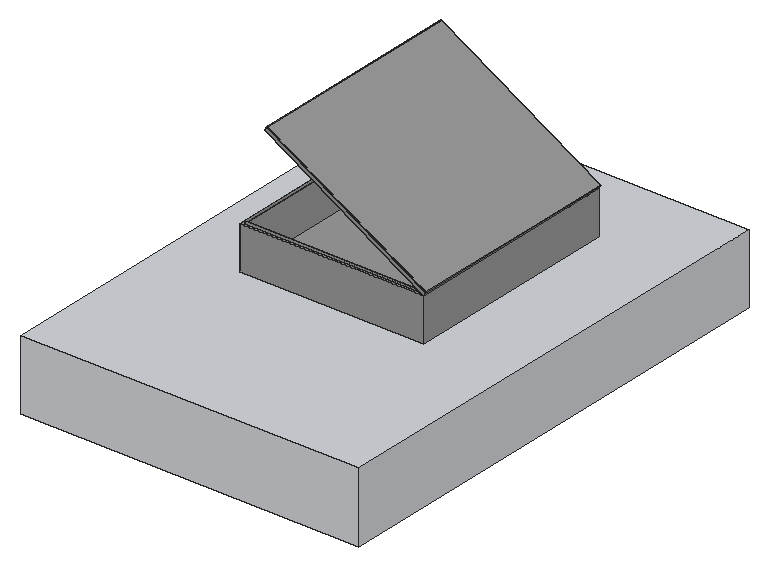
Revit family "Hager-Univers-IP44-D205-H950-Cl.I-encl-DE-de", category Equipement électrique, Revit 2020
Family settings
  Hôte = Face
  Configuration du panneau = Deux colonnes, circuits au sein
  Cote de connecteur circulaire = Utiliser le diamètre
  Type d'élément = Tableau de raccordement
  Couper avec des vides une fois chargée = Non
  Partagée = Non
  Point de calcul de pièce = Non
Parameters (values of type "Aufputz IP44 B800 H950 T205  - FP63TN2")
  Width Control [instance] = if([EF000008 - Breite] > Min Width, [EF000008 - Breite], Min Width)  # 800 mm
  Commentaires du type = [HG000003 - Bereich]  # "Univers"
  Thickness Door [instance] = if([EF009171 - Materialstärke Tür/Deckel] > 3 mm, 3 mm, [EF009171 - Materialstärke Tür/Deckel])  # 1 mm
  Seal Frame Offset [instance] = 17 mm  # constant formula
  Plinth Visibility [instance] = [HG000027 - Sockelhöhe] > 0 mm  # no
  Model = ""
  Min Width [instance] = 100 mm  # constant formula
  Min Height [instance] = 100 mm  # constant formula
  Min Depth [instance] = (2 * [EF009170 - Materialstärke Gehäuse]) + 1 mm  # 3 mm
  Internal Frame Depth [instance] = (Door System Depth * 0.5)  # 9 mm
  Height Control [instance] = if([EF000040 - Höhe] > Min Height, [EF000040 - Höhe], Min Height)  # 950 mm
  HG000027 - Sockelhöhe = 0 mm
  HG000026 - Stehend auf dem Boden = no
  HG000024 - Höhe des unteren Teils = 800 mm
  HG000023 - Gehäuse mit doppeltem Querschnitt = no
  HG000016 - 3D-Türsichtbarkeit [instance] = yes
  HG000015 - Sichtbarkeit der Türöffnung [instance] = no
  HG000014 - Tür rechts [instance] = yes
  HG000013 - Tür links [instance] = not([HG000014 - Tür rechts])  # no
  HG000012 - Türschwenkwinkel [instance] = 30.00°
  HG000010 - Asymmetrische Türen = no
  HG000009 - Doppelflügeligen Tür = no
  HG000006 - Unterputz = no
  HG000004 - Herstellerreferenz = "FP63TN2"
  HG000003 - Bereich = "Univers"
  HG000002 - Mit tür = yes
  Frame Offset Bottom [instance] = 10 mm  # constant formula
  Frame Offset [instance] = 15 mm  # constant formula
  EF015940 - Deckel mit Überdruckentlastung = no
  EF011959 - Schutzart (NEMA) = ""
  EF009554 - Anzahl der Öffnungen für Flanschplatten = 6
  Fabricant = "Hager"  # constant formula
  EF009212 - Ausführung Deckel = "EV000116 - geschlossen"
  EF009171 - Materialstärke Tür/Deckel = 1 mm
  EF009170 - Materialstärke Gehäuse = 1 mm
  EF008873 - Nennstrom (In) = 250 A
  EF007800 - Geeignet für Blitzschutz = no
  EF006306 - Mit Schloss = no
  EF006244 - Transparenter Deckel/Tür = no
  EF005474 - Schutzart (IP) = "EV006418 - IP44"
  EF004464 - Art der Tür = "EV002646 - Einzel"
  EF004427 - Anzahl der Module = 216
  EF004293 - Schlagfestigkeit = "EV006815 - IK09"
  EF003532 - Geeignet für Außengebrauch = no
  EF002950 - Breite in Teilungseinheiten = 36
  EF001613 - Funktionserhalt = "EV000494 - ohne"
  EF001596 - Werkstoff des Gehäuses = "EV000179 - Stahl"
  EF001131 - Innentiefe = 130 mm
  EF001088 - Anbaumöglichkeit = yes
  EF000437 - Anzahl der Leitungseinführungen = 6
  EF000339 - Art der Abdeckung = "EV001012 - Deckel"
  EF000266 - Anzahl der Reihen = 6
  EF000218 - Einbautiefe = 205 mm
  EF000118 - Mit Montageplatte = no
  EF000116 - RAL-Nummer = "9010"
  EF000049 - Tiefe = 205 mm
  EF000040 - Höhe = 950 mm
  EF000008 - Breite = 800 mm
  EF000007 - Farbe = "EV000202 - weiß"
  EF000003 - Montageart = "EV000384 - Aufputz"
  Door System Leaf Tolerance [instance] = 1.5 mm  # constant formula
  Door System Depth [instance] = 18 mm  # constant formula
  Door Height [instance] = Height Control - [HG000027 - Sockelhöhe]  # 950 mm
  Depth Control [instance] = if([EF000049 - Tiefe] > Min Depth, [EF000049 - Tiefe], Min Depth)  # 205 mm
  Default Elevation = 0 mm
  Connector Offset [instance] = Height Control / 2  # 475 mm
  Bottom Top Plate Trim [instance] = 1.5 mm  # constant formula
  Plinth height Ctrl [instance] = if([HG000027 - Sockelhöhe] > 0 mm, [HG000027 - Sockelhöhe], 12 mm)  # 12 mm
Types (9, lengths in mm): name | Width Control | HG000010 - Asymmetrische Türen | HG000009 - Doppelflügeligen Tür | HG000004 - Herstellerreferenz | EF009554 - Anzahl der Öffnungen für Flanschplatten | EF004464 - Art der Tür | EF004427 - Anzahl der Module | EF002950 - Breite in Teilungseinheiten | EF000437 - Anzahl der Leitungseinführungen | EF000008 - Breite
  Aufputz IP44 B1050 H950 T205  - FP64TN2 | 1050 | no | yes | "FP64TN2" | 8 | "EV003602 - Doppel" | 288 | 48 | 8 | 1050
  Aufputz IP44 B1300 H950 T205  - FP65TN | 1300 | no | yes | "FP65TN" | 10 | "EV003602 - Doppel" | 360 | 60 | 10 | 1300
  Aufputz IP44 B1300 H950 T205  - FP65TN2 | 1300 | yes | yes | "FP65TN2" | 10 | "EV003602 - Doppel" | 360 | 60 | 10 | 1300
  Aufputz IP44 B300 H950 T205  - FP61TN | 300 | no | no | "FP61TN" | 2 | "EV002646 - Einzel" | 72 | 12 | 2 | 300
  Aufputz IP44 B300 H950 T205  - FP61TN2 | 300 | no | no | "FP61TN2" | 2 | "EV002646 - Einzel" | 72 | 12 | 2 | 300
  Aufputz IP44 B550 H950 T205  - FP62TN | 550 | no | no | "FP62TN" | 4 | "EV002646 - Einzel" | 144 | 24 | 4 | 550
  Aufputz IP44 B550 H950 T205  - FP62TN2 | 550 | no | no | "FP62TN2" | 4 | "EV002646 - Einzel" | 144 | 24 | 4 | 550
  Aufputz IP44 B800 H950 T205  - FP63TN | 800 | no | no | "FP63TN" | 6 | "EV002646 - Einzel" | 216 | 36 | 6 | 800
  Aufputz IP44 B800 H950 T205  - FP63TN2 | 800 | no | no | "FP63TN2" | 6 | "EV002646 - Einzel" | 216 | 36 | 6 | 800
Reference planes
  plane 1 "Center (Front/Back)": y = 0
  plane 2: z = 0
  plane 3 "Center (Left/Right)": x = 0
  plane 4: z = 205
  plane 5: y = 1
  plane 6: y = 475
  plane 7: y = 0
  plane 8: y = 950
  plane 9: z = 0
  plane 10: x = -385
  plane 11: x = 385
  plane 12: x = 384
  plane 13: x = -384
  plane 14: y = 949
  plane 15: x = -383
  plane 16: x = -400
  plane 17: x = 383
  plane 18: x = 400
  plane 19: x = 399
  plane 20: x = -399
  plane 21: y = 11
  plane 22: y = 950
  plane 23: y = 934
  plane 24: z = 187
  plane 25: z = 1
  plane 26: z = 186
  plane 27: z = 204
Forms (mm)
  Extrusion 1, solid
    sketch origin (0, 0, 0) x (1, 0, 0) y (0, 1, 0)
      loop
        line (-702.964, 1305) -> (-702.964, -811.445) -> (766.763, -811.445) -> (766.763, 1305) -> (-702.964, 1305)
    from 0 to -304.8
  Extrusion 2, solid, material "Hager_Steel_RAL7035_Light_Grey", visible <- "Plinth Visibility", detail levels medium+fine
    sketch origin (0, 0, 0) x (1, 0, 0) y (0, 1, 0)
      loop
        line (-400, 0) -> (400, 0) -> (400, 12) -> (-400, 12) -> (-400, 0)
    from 0 to 187
  Extrusion 3, solid, material "Hager_Steel_RAL7035_Light_Grey", detail levels medium+fine
    sketch origin (0, 0, 0) x (1, 0, 0) y (0, 1, 0)
      loop
        line (-400, 0) -> (400, 0) -> (400, 950) -> (-400, 950) -> (-400, 0)
    from 0 to 187
  Extrusion 4, void
    sketch origin (0, 0, 0) x (1, 0, 0) y (0, 1, 0)
      loop
        line (-399, 1) -> (399, 1) -> (399, 949) -> (-399, 949) -> (-399, 1)
    from 1 to 186
  Extrusion 5, void
    sketch origin (-381.607, -4572, 187) x (0, -1, 0) y (-1, 0, 0)
      loop
        line (-4583, 2.393) -> (-5506, 2.393) -> (-5506, -765.607) -> (-4583, -765.607) -> (-4583, 2.393)
    from 0 to 1 <- "EF009170 - Materialstärke Gehäuse"
  Extrusion 6, solid, material "Hager_Steel_RAL7035_Light_Grey", detail levels fine
    sketch origin (0, 0, 187) x (1, 0, 0) y (0, 1, 0)
      loop
        line (-384, 934) -> (-384, 11) -> (384, 11) -> (384, 934) -> (-384, 934)
      loop
        line (-385, 10) -> (385, 10) -> (385, 935) -> (-385, 935) -> (-385, 10)
    from 0 to 9 <- "Internal Frame Depth"
  Extrusion 7, solid, material "Hager_Steel_RAL7035_Light_Grey", detail levels coarse
    sketch origin (0, 0, 0) x (1, 0, 0) y (0, 1, 0)
      loop
        line (-400, 0) -> (400, 0) -> (400, 950) -> (-400, 950) -> (-400, 0)
    from 0 to 205
  Sweep 8, void
    path in 3D
      loop
        line (-400, 12, 0) -> (400, 12, 0) -> (400, 12, 187) -> (-400, 12, 187) -> (-400, 12, 0)
    profile origin (-400, 12, 93.5) x (-1, 0, 0) y (0, -1, 0)
      loop
        line (0, 0) -> (0, 1.5) -> (-1.5, 1.5)
        arc (-1.5, 1.5) -> (-1.061, 0.439) -> (0, 0) r 1.5
Cuts and joins
  Extrusion 4, Extrusion 5 cuts Extrusion 3
  Sweep 8 cuts Extrusion 2
Lines and regions (mm)
  Masking region 1
    outline origin (0, 0, 0) x (1, 0, 0) y (0, 0, 1)
      loop
        line (-400, 205) -> (-400, 0) -> (400, 0) -> (400, 205) -> (-400, 205)
  Masking region 2, detail levels medium+fine
    outline origin (0, 140, 0) x (0, 1, 0) y (0, 0, 1)
      loop
        line (-140, 0) -> (810, 0) -> (810, 187) -> (-140, 187) -> (-140, 0)
  Masking region 3, not visible, detail levels medium+fine
    outline origin (0, 297.922, 0) x (0, 1, 0) y (0, 0, 1)
      loop
        line (188.578, 0) -> (228.578, 0) -> (228.578, 194)
        arc (228.578, 194) -> (225.649, 201.071) -> (218.578, 204) r 10
        line (218.578, 204) -> (188.578, 204) -> (188.578, 0)
  Masking region 4, detail levels coarse
    outline origin (0, 0, 180) x (0, 1, 0) y (0, 0, 1)
      loop
        line (0, -180) -> (950, -180) -> (950, 25) -> (0, 25) -> (0, -180)
  Masking region 5, visible <- "Plinth Visibility", detail levels medium+fine
    outline origin (0, 52.24, 12.345) x (0, 0, -1) y (0, 1, 0)
      loop
        line (10.845, -40.24) -> (-173.155, -40.24)
        arc (-173.155, -40.24) -> (-173.594, -41.301) -> (-174.655, -41.74) r 1.5
        line (-174.655, -41.74) -> (-174.655, -52.24) -> (12.345, -52.24) -> (12.345, -41.74)
        arc (12.345, -41.74) -> (11.285, -41.301) -> (10.845, -40.24) r 1.5
  Masking region 6, detail levels medium+fine
    outline origin (-381.607, -4572, 187) x (-1, 0, 0) y (0, -1, 0)
      loop
        line (18.393, -5522) -> (18.393, -4572) -> (-781.607, -4572) -> (-781.607, -5522) -> (18.393, -5522)
  Masking region 7, visible <- "Plinth Visibility", detail levels medium+fine
    outline origin (-381.607, -4727, 187) x (-1, 0, 0) y (0, -1, 0)
      loop
        arc (16.893, -4739) -> (17.332, -4737.939) -> (18.393, -4737.5) r 1.5
        line (18.393, -4737.5) -> (18.393, -4727) -> (-781.607, -4727) -> (-781.607, -4737.5)
        arc (-781.607, -4737.5) -> (-780.546, -4737.939) -> (-780.107, -4739) r 1.5
        line (-780.107, -4739) -> (16.893, -4739)
  Masking region 8, detail levels coarse
    outline origin (-442.548, -4669.526, 187) x (-1, 0, 0) y (0, -1, 0)
      loop
        line (-42.548, -5619.526) -> (-42.548, -4669.526) -> (-842.548, -4669.526) -> (-842.548, -5619.526) -> (-42.548, -5619.526)
  sketch lines
    curve 1: line (-400, 12, 187) -> (-400, 12, 0)
    curve 2: line (400, 12, 187) -> (-400, 12, 187)
    curve 3: line (400, 12, 187) -> (400, 12, 0)
    curve 4: line (-400, 12, 0) -> (400, 12, 0)
Dimensions and locks
  "Depth Control": plane 4 to Extrusion 1
  "HG000027 - Sockelhöhe": plane 1 "Center (Front/Back)" to plane 7
  "EF009170 - Materialstärke Gehäuse": plane 5 to plane 7
  locked: connector elem to plane 3 "Center (Left/Right)"
  equal spacing: plane 8, plane 6, plane 7
  locked: connector elem to plane 6
  "EF009170 - Materialstärke Gehäuse": plane 8 to plane 14
  "EF009170 - Materialstärke Gehäuse": plane 10 to plane 13
  "EF009170 - Materialstärke Gehäuse": plane 12 to plane 11
  "Frame Offset": plane 20 to plane 13
  "Frame Offset": plane 12 to plane 19
  "EF009170 - Materialstärke Gehäuse": plane 16 to plane 20
  "EF009170 - Materialstärke Gehäuse": plane 19 to plane 18
  "Seal Frame Offset": plane 16 to plane 15
  "Seal Frame Offset": plane 17 to plane 18
  "Frame Offset Bottom": plane 21 to plane 5
  "Frame Offset": plane 14 to plane 23
  equal spacing: plane 16, plane 3 "Center (Left/Right)", plane 18
  "Width Control": plane 16 to plane 18
  "EF009170 - Materialstärke Gehäuse": plane 4 to plane 27
  "EF009170 - Materialstärke Gehäuse": plane 24 to plane 26
  "EF009170 - Materialstärke Gehäuse": plane 25 to level
  "Door System Depth": plane 4 to plane 24
  "Height Control": plane 1 "Center (Front/Back)" to Extrusion 7 sketch curve
  "Height Control": Masking region 4 sketch curve to plane 1 "Center (Front/Back)"
  "Height Control": plane 1 "Center (Front/Back)" to plane 22
  "Bottom Top Plate Trim": profile plane to Sweep 8 sketch curve
  "Bottom Top Plate Trim": Sweep 8 sketch curve to profile plane
  "Plinth height Ctrl": plane 1 "Center (Front/Back)" to Extrusion 2 sketch curve
  "Plinth height Ctrl": Masking region 5 sketch curve to plane 1 "Center (Front/Back)"
  "Plinth height Ctrl": plane 1 "Center (Front/Back)" to Masking region 7 sketch curve
  "Thickness Door": Extrusion 6 sketch curve to Extrusion 6 sketch curve  (x3)
  "Thickness Door": cut or joined group of Extrusion 3, Extrusion 4, Extrusion 5 to Extrusion 6 sketch curve
  radius of Masking region 3 sketch curve = 10 mm
  "Bottom Top Plate Trim": radius of Masking region 5 sketch curve  (x2)
  "Bottom Top Plate Trim": radius of Sweep 8 sketch curve
  "Bottom Top Plate Trim": radius of Masking region 7 sketch curve  (x2)
  aligned and locked: plane 2 to Extrusion 1
  aligned and locked: level to Extrusion 1
  aligned and locked: level to Masking region 1 sketch curve
  aligned and locked: Masking region 1 sketch curve to plane 18
  aligned and locked: Masking region 1 sketch curve to plane 16
  aligned and locked: plane 7 to Masking region 2 sketch curve
  aligned and locked: level to Masking region 3 sketch curve
  aligned and locked: Masking region 3 sketch curve to plane 27
  aligned and locked: level to Masking region 2 sketch curve
  aligned and locked: plane 1 "Center (Front/Back)" to Extrusion 2 sketch curve
  aligned and locked: Extrusion 3 sketch curve to plane 7
  aligned and locked: plane 16 to Extrusion 3 sketch curve
  aligned and locked: plane 18 to Extrusion 3 sketch curve
  aligned and locked: plane 20 to Extrusion 4 sketch curve
  aligned and locked: plane 19 to Extrusion 4 sketch curve
  aligned and locked: Extrusion 4 sketch curve to plane 5
  aligned and locked: Extrusion 4 to plane 25
  aligned and locked: plane 26 to Extrusion 4
  aligned and locked: plane 24 to Extrusion 3
  aligned and locked: Extrusion 5 sketch curve to plane 21
  aligned and locked: Extrusion 5 sketch curve to plane 13
  aligned and locked: Extrusion 5 sketch curve to plane 12
  aligned and locked: plane 18 to Extrusion 7 sketch curve
  aligned and locked: plane 1 "Center (Front/Back)" to Extrusion 7 sketch curve
  aligned and locked: plane 16 to Extrusion 7 sketch curve
  aligned and locked: plane 4 to Extrusion 7
  aligned and locked: Extrusion 7 to level
  aligned and locked: level to Masking region 4 sketch curve
  aligned and locked: Masking region 4 sketch curve to plane 1 "Center (Front/Back)"
  aligned and locked: Masking region 4 sketch curve to plane 4
  aligned and locked: nested 1 to level
  aligned and locked: nested 1 to plane 16
  aligned and locked: plane 8 to Extrusion 3 sketch curve
  aligned and locked: plane 23 to Extrusion 5 sketch curve
  aligned and locked: plane 14 to Extrusion 4 sketch curve
  aligned and locked: Masking region 2 sketch curve to plane 8
  aligned and locked: level to Masking region 5 sketch curve
  aligned and locked: plane 16 to Extrusion 2 sketch curve
  aligned and locked: plane 18 to Extrusion 2 sketch curve
  aligned and locked: Masking region 5 sketch curve to plane 24
  aligned and locked: Masking region 2 sketch curve to plane 24
  aligned and locked: plane 24 to Extrusion 2
  aligned and locked: profile plane to Sweep 8 sketch curve  (x2)
  aligned and locked: Masking region 6 sketch curve to plane 18
  aligned and locked: Masking region 6 sketch curve to plane 22
  aligned and locked: Masking region 6 sketch curve to plane 16
  aligned and locked: plane 8 to plane 22
  aligned and locked: Masking region 6 sketch curve to plane 7
  aligned and locked: Masking region 7 sketch curve to plane 16
  aligned and locked: Masking region 7 sketch curve to plane 1 "Center (Front/Back)"
  aligned and locked: Masking region 7 sketch curve to plane 18
  aligned and locked: Masking region 8 sketch curve to plane 1 "Center (Front/Back)"
  aligned and locked: Masking region 8 sketch curve to plane 18
  aligned and locked: Masking region 8 sketch curve to plane 22
  aligned and locked: Masking region 8 sketch curve to plane 16
  aligned and locked: nested 2 to plane 7
  aligned and locked: plane 3 "Center (Left/Right)" to nested 2
  aligned and locked: nested 2 to plane 24
  aligned and locked: Extrusion 6 sketch curve to cut or joined group of Extrusion 3, Extrusion 4, Extrusion 5  (x4)
Automatic sketch dimensions
  Extrusion 1 sketch curve to Extrusion 1 sketch curve = 1469.727 mm
  Extrusion 1 sketch curve to Extrusion 1 sketch curve = 2116.445 mm
  Masking region 1 sketch curve to plane 4 = 0 mm
  plane 6 to Masking region 3 sketch curve = 11.5 mm
  Masking region 3 sketch curve to Masking region 3 sketch curve = 30 mm
  Masking region 5 sketch curve to plane 1 "Center (Front/Back)" = 0 mm
Nested families
  nested 1: "Hager_Enclosure_Symbol" at (-400, 0, 0) x (1, 0, 0) z (0, -1, 0), Height <- "Depth Control", Width <- "Width Control", type "Hager_Enclosure_Symbol"
    with Width_Ctrl 800 mm, Width 800 mm, Height_Ctrl 205 mm, Height 205 mm, A_Width_Int 13.453 mm, A_Width 161.438 mm, A_Height_Ctrl 179.375 mm, A_Height 179.375 mm
  nested 2: "EC000058_Univers_Door" at (0, 0, 187) x (1, 0, 0) z (0, 1, 0), Leaf_Tolerance <- "Door System Leaf Tolerance", Angle <- "HG000012 - Türschwenkwinkel", Door_Depth <- "Door System Depth", Door_Left <- "HG000013 - Tür links", Transparent <- "EF006244 - Transparenter Deckel/Tür", Assymetrical <- "HG000010 - Asymmetrische Türen", Width <- "Width Control", Clearance <- "HG000015 - Sichtbarkeit der Türöffnung", Double <- "HG000009 - Doppelflügeligen Tür", 3d_Door <- "HG000016 - 3D-Türsichtbarkeit", Lock_Visibility <- "EF006306 - Mit Schloss", Width_Ctrl <- "Width Control", Door_Right <- "HG000014 - Tür rechts", Door <- "HG000002 - Mit tür", Height <- "Door Height", Thickness <- "Thickness Door", type "EC000058_Univers_Door", detail levels medium+fine
    with min_wh 3 mm, Width_Ctrl 800 mm, Width 800 mm, Transparent no, Thickness 1 mm, Seal_Material Hager_Rubber, Lock_Visibility no, Lock_Material Hager_Plastic_RAL9005_Jet_Black, Leaf_Width 800 mm, Leaf_Tolerance_External_Sides 0 mm, Leaf_Tolerance 1.5 mm, Leaf_Offset 0 mm, Leaf_Height 947 mm, Leaf_2_Width 800 mm, Leaf_2_Offset 400 mm, Leaf_1_Width 800 mm, Leaf_1_Offset 400 mm, Height_Ctrl 950 mm, Height 950 mm, Glass_Material Hager_Glass, Double_Clearance_Ctrl no, Double no, Door_Right_Ctrl yes, Door_Right yes, Door_Material Hager_Steel_RAL7035_Light_Grey, Door_Left_Ctrl no, Door_Left no, Door_Depth 18 mm, Door yes, Clearance_Material Hager_Clearance, Clearance_Depth 800 mm, Clearance_Ctrl no, Clearance no, Assymetrical no, Angle 30.00°, 3d_Door yes
Connectors
  electrical at (0, 475, 0)
    settings: on plane 9, index 1, voltage 0 V, apparent load 0 VA, apparent load phase1 0 VA, apparent load phase2 0 VA, apparent load phase3 0 VA, power factor 1, load classification "Other", number of poles 1, system type 30, power factor state 1, is connector primary yes, connector utility no, sub classification motor no, connector description ""
Definition of nested family "EC000058_Univers_Door"
  Parameters (values of type "EC000058_Univers_Door")
    min_wh [instance] = (2 * Thickness) + 1 mm  # 11 mm
    Width_Ctrl [instance] = 400 mm
    Width [instance] = 500 mm
    Transparent [instance] = yes
    Thickness [instance] = 5 mm
    Seal_Material [instance] = none
    Lock_Visibility [instance] = yes
    Lock_Material [instance] = none
    Leaf_Width [instance] = if((Width_Ctrl - 2 * Leaf_Tolerance_External_Sides) > 0 mm, (Width_Ctrl - 2 * Leaf_Tolerance_External_Sides), min_wh)  # 400 mm
    Leaf_Tolerance_External_Sides [instance] = 0 mm  # constant formula
    Leaf_Tolerance [instance] = 1.5 mm
    Leaf_Offset [instance] = 0 mm  # constant formula
    Leaf_Height [instance] = if((Height_Ctrl - 2 * Leaf_Tolerance) > 0 mm, (Height_Ctrl - 2 * Leaf_Tolerance), min_wh)  # 497 mm
    Leaf_2_Width [instance] = if(and(and(Double, Assymetrical), Door_Left), (Leaf_Width / 3) - (Leaf_Tolerance / 2), if(and(and(Double, Assymetrical), Door_Right), (Leaf_Width / 3) * 2 - (Leaf_Tolerance / 2), if(and(Double, not(Assymetrical)), (Leaf_Width / 2) - Leaf_Tolerance, Leaf_Width)))  # 400 mm
    Leaf_2_Offset [instance] = if(and(Double, Assymetrical), Leaf_2_Width / 2, if(and(Double, not(Assymetrical)), Leaf_Width / 4, Leaf_Width / 2))  # 200 mm
    Leaf_1_Width [instance] = if(and(and(Double, Assymetrical), Door_Right), (Leaf_Width / 3) - (Leaf_Tolerance / 2), if(and(and(Double, Assymetrical), Door_Left), (Width / 3) * 2 - (Leaf_Tolerance / 2), if(and(Double, not(Assymetrical)), (Leaf_Width / 2) - Leaf_Tolerance, Leaf_Width)))  # 400 mm
    Leaf_1_Offset [instance] = if(and(Double, Assymetrical), Leaf_1_Width / 2, if(and(Double, not(Assymetrical)), Leaf_Width / 4, Leaf_Width / 2))  # 200 mm
    Height_Ctrl [instance] = if(Height > min_wh, Height, min_wh)  # 500 mm
    Height [instance] = 500 mm
    Glass_Material [instance] = none
    Double_Clearance_Ctrl [instance] = and(Double, Clearance)  # no
    Double [instance] = no
    Door_Right_Ctrl [instance] = and(or(Door_Right, Double), Door)  # yes
    Door_Right [instance] = yes
    Door_Material [instance] = none
    Door_Left_Ctrl [instance] = and(or(Door_Left, Double), Door)  # no
    Door_Left [instance] = no
    Door_Depth [instance] = 30 mm
    Door [instance] = yes
    Default Elevation = 1219.2 mm
    Clearance_Material [instance] = none
    Clearance_Depth [instance] = if(Leaf_1_Width > Leaf_2_Width, Leaf_1_Width, Leaf_2_Width)  # 400 mm
    Clearance_Ctrl [instance] = and(not(Double), Clearance)  # yes
    Clearance [instance] = yes
    Assymetrical [instance] = yes
    Angle [instance] = 30.00°
    3d_Door [instance] = yes
  Reference planes
    plane 1 "Center (Front/Back)": y = 0
    plane 2 "Bottom": z = 0
    plane 3 "Center (Left/Right)": x = 0
    plane 4: z = 500
    plane 5: x = -200
    plane 6: x = 200
    plane 7: z = 500
    plane 8: x = -200
    plane 9: z = 0
    plane 10: x = 200
    plane 11: y = 0
    plane 12: z = 1.5
    plane 13: x = -600
    plane 14: y = -400
    plane 15: x = 600
    plane 16: x = 0
    plane 17: x = 0
    plane 18: x = -200
    plane 19: x = 200
    plane 20: z = 498.5
  Forms (mm)
    Extrusion 1, solid, material <- "Clearance_Material", visible <- "Double_Clearance_Ctrl"
      sketch origin (1200, 0, 0) x (1, 0, 0) y (0, 0, -1)
        loop
          line (-1800, -498.5) -> (-600, -498.5) -> (-600, 0) -> (-1800, 0) -> (-1800, -498.5)
      from 0 to -400
  Dimensions and locks
    equal spacing: plane 5, plane 3 "Center (Left/Right)", plane 6
    "Width_Ctrl": plane 5 to plane 6
    "Leaf_Offset": plane 5 to plane 8
    "Leaf_Offset": plane 6 to plane 10
    "Leaf_Offset": plane 9 to level
    "Leaf_Offset": plane 4 to plane 7
    "Height_Ctrl": plane 4 to level
    "Leaf_Tolerance": plane 12 to plane 9
    locked: plane 11 to plane 1 "Center (Front/Back)"
    "Leaf_1_Offset": plane 18 to plane 16
    "Leaf_2_Offset": plane 17 to plane 19
    "Leaf_1_Width": plane 13 to plane 8
    "Leaf_2_Width": plane 10 to plane 15
    "Clearance_Depth": plane 14 to plane 1 "Center (Front/Back)"
    "Leaf_Tolerance_External_Sides": plane 8 to plane 18
    "Leaf_Tolerance_External_Sides": plane 19 to plane 10
    "Leaf_Tolerance": plane 7 to plane 20
    aligned and locked: level to plane 2 "Bottom"
    aligned and locked: nested 1 to plane 16
    aligned and locked: nested 2 to plane 17
    aligned and locked: Extrusion 1 to plane 13
    aligned and locked: plane 15 to Extrusion 1
    aligned and locked: Extrusion 1 to plane 14
    aligned and locked: plane 12 to nested 1
    aligned and locked: nested 2 to plane 12
    aligned and locked: Extrusion 1 to plane 11
    aligned and locked: plane 20 to Extrusion 1
    aligned and locked: nested 2 to plane 11
    aligned and locked: nested 1 to plane 11
  Automatic sketch dimensions
    Extrusion 1 sketch curve to level = 0 mm
    plane 5 to Extrusion 1 sketch curve = 400 mm
    plane 6 to Extrusion 1 sketch curve = 400 mm
    Extrusion 1 sketch curve to plane 4 = 1.5 mm
  Nested families
    nested 1: "EC000058_Univers_Door_Leaf" at (0, 0, 1.5), Width <- "Leaf_1_Width", visible <- "Door_Left_Ctrl", Leaf_Height <- "Leaf_Height", Angle <- "Angle", 3d_Door <- "3d_Door", Transparent <- "Transparent", Clearance Material <- "Clearance_Material", Clearance <- "Clearance_Ctrl", Door_Material <- "Door_Material", Glass_Material <- "Glass_Material", Door_Depth <- "Door_Depth", Lock_Material <- "Lock_Material", Seal_Material <- "Seal_Material", Lock_Visibility <- "Lock_Visibility", Thickness <- "Thickness", type "EC000058_Univers_Door_Leaf"
      with Width 400 mm, Transparent_Glass_Offset 30 mm, Transparent_Ctrl yes, Transparent yes, Thickness 5 mm, Standard no, Seal_Material none, Seal_D2 8 mm, Seal_D1 1 mm, Offset_Internal_Frame 10 mm, Lock_Width 20 mm, Lock_Visibility_3d yes, Lock_Visibility yes, Lock_Thickness_3 3 mm, Lock_Thickness_2 1 mm, Lock_Thickness_1 3 mm, Lock_Radius_Offset_2 16 mm, Lock_Radius_Offset_1 15 mm, Lock_Radius_2 5 mm, Lock_Radius 6 mm, Lock_Offset 5 mm, Lock_Material none, Lock_Height 80 mm, Lock_Cover_Top_Offset_2d 17 mm, Lock_Cover_Height -65 mm, Leaf_Height 497 mm, Internal_Seal_Thickness 8 mm, Internal_Seal_Depth_2 4.5 mm, Internal_Frame_Depth 25 mm, Glass_Thickness -1 mm, Glass_Offset -2 mm, Glass_Material none, Door_Material none, Door_Depth 30 mm, Clearance Material none, Clearance yes, Angle_Ctrl 30.00°, Angle 30.00°, 3d_Door yes
    nested 2: "EC000058_Univers_Door_Leaf" at (0, 0, 1.5) x (-1, 0, 0) z (0, 0, 1), Width <- "Leaf_2_Width", visible <- "Door_Right_Ctrl", Leaf_Height <- "Leaf_Height", Angle <- "Angle", 3d_Door <- "3d_Door", Transparent <- "Transparent", Clearance Material <- "Clearance_Material", Clearance <- "Clearance_Ctrl", Door_Material <- "Door_Material", Glass_Material <- "Glass_Material", Door_Depth <- "Door_Depth", Lock_Material <- "Lock_Material", Seal_Material <- "Seal_Material", Lock_Visibility <- "Lock_Visibility", Thickness <- "Thickness", type "EC000058_Univers_Door_Leaf"
      with Width 400 mm, Transparent_Glass_Offset 30 mm, Transparent_Ctrl yes, Transparent yes, Thickness 5 mm, Standard no, Seal_Material none, Seal_D2 8 mm, Seal_D1 1 mm, Offset_Internal_Frame 10 mm, Lock_Width 20 mm, Lock_Visibility_3d yes, Lock_Visibility yes, Lock_Thickness_3 3 mm, Lock_Thickness_2 1 mm, Lock_Thickness_1 3 mm, Lock_Radius_Offset_2 16 mm, Lock_Radius_Offset_1 15 mm, Lock_Radius_2 5 mm, Lock_Radius 6 mm, Lock_Offset 5 mm, Lock_Material none, Lock_Height 80 mm, Lock_Cover_Top_Offset_2d 17 mm, Lock_Cover_Height -65 mm, Leaf_Height 497 mm, Internal_Seal_Thickness 8 mm, Internal_Seal_Depth_2 4.5 mm, Internal_Frame_Depth 25 mm, Glass_Thickness -1 mm, Glass_Offset -2 mm, Glass_Material none, Door_Material none, Door_Depth 30 mm, Clearance Material none, Clearance yes, Angle_Ctrl 30.00°, Angle 30.00°, 3d_Door yes
  Definition of nested family "EC000058_Univers_Door_Leaf"
    Parameters (values of type "EC000058_Univers_Door_Leaf")
      Width [instance] = 2000 mm
      Transparent_Glass_Offset [instance] = 30 mm
      Transparent_Ctrl [instance] = and(Transparent, [3d_Door])  # yes
      Transparent [instance] = yes
      Thickness [instance] = 5 mm
      Standard [instance] = and(not(Transparent), [3d_Door])  # no
      Seal_Material [instance] = none
      Seal_D2 [instance] = 8 mm  # constant formula
      Seal_D1 [instance] = 1 mm  # constant formula
      Offset_Internal_Frame [instance] = 10 mm  # constant formula
      Lock_Width [instance] = 20 mm  # constant formula
      Lock_Visibility_3d [instance] = and(Lock_Visibility, [3d_Door])  # yes
      Lock_Visibility [instance] = yes
      Lock_Thickness_3 [instance] = 3 mm  # constant formula
      Lock_Thickness_2 [instance] = 1 mm  # constant formula
      Lock_Thickness_1 [instance] = 3 mm  # constant formula
      Lock_Radius_Offset_2 [instance] = Lock_Radius_Offset_1 + 1 mm  # 16 mm
      Lock_Radius_Offset_1 [instance] = 15 mm  # constant formula
      Lock_Radius_2 [instance] = Lock_Radius - 1 mm  # 5 mm
      Lock_Radius [instance] = 6 mm  # constant formula
      Lock_Offset [instance] = 5 mm  # constant formula
      Lock_Material [instance] = none
      Lock_Height [instance] = 80 mm  # constant formula
      Lock_Cover_Top_Offset_2d [instance] = Lock_Radius_Offset_2 + 1 mm  # 17 mm
      Lock_Cover_Height [instance] = -(Lock_Height - Lock_Radius_Offset_1)  # -65 mm
      Leaf_Height [instance] = 2720.336 mm
      Internal_Seal_Thickness [instance] = 8 mm  # constant formula
      Internal_Seal_Depth_2 [instance] = 4.5 mm  # constant formula
      Internal_Frame_Depth [instance] = if(Door_Depth - Thickness > 5 mm, Door_Depth - Thickness, 5 mm)  # 25 mm
      Glass_Thickness [instance] = if(Thickness > 15 mm, Glass_Offset + 10 mm, -1 mm)  # -1 mm
      Glass_Offset [instance] = if(Thickness > 15 mm, -(Thickness + 10 mm) / 2, -2 mm)  # -2 mm
      Glass_Material [instance] = none
      Door_Material [instance] = none
      Door_Depth [instance] = 30 mm
      Default Elevation = 0 mm
      Clearance Material [instance] = none
      Clearance [instance] = yes
      Angle_Ctrl [instance] = if(Angle > 180.00°, 180.00°, Angle)  # 90.00°
      Angle [instance] = 90.00°
      3d_Door [instance] = yes
    Reference planes
      plane 1 "Center (Front/Back)": y = 0
      plane 2: z = 0
      plane 3 "Center (Left/Right)": x = 0
      plane 4: y = 2000
      plane 5: x = -1000
      plane 6: x = 1000
      plane 7: x = -3000
      plane 8: z = 2720.336
      plane 9: z = 30
      plane 10: z = 2690.336
      plane 11: x = 970
      plane 12: x = -970
      plane 13: y = -3
      plane 14: z = 107.833
      plane 15: y = -5
      plane 16: y = -223.314
      plane 17: x = -1000
      plane 18: z = 1360.168
      plane 19: y = 30
    Forms (mm)
      Extrusion 1, solid, material <- "Clearance Material", visible <- "Clearance"
        sketch origin (0, 0, 0) x (1, 0, 0) y (0, 0, 1)
          loop
            line (-3000, 2720.336) -> (-3000, 0) -> (1000, 0) -> (1000, 2720.336) -> (-3000, 2720.336)
        from 0 to -2000
      Extrusion 2, solid, material <- "Door_Material", visible <- "Standard", detail levels medium+fine
        sketch origin (-1000, 0, 0) x (0, 1, 0) y (-1, 0, 0)
          loop
            line (0, 30) -> (0, 25) -> (2000, 25) -> (2000, 30) -> (0, 30)
        from 0 to 2720.336 <- "Leaf_Height"
      Extrusion 3, solid, material <- "Door_Material", visible <- "Transparent_Ctrl", detail levels medium+fine
        sketch origin (-1000, 0, 0) x (0, 1, 0) y (-1, 0, 0)
          loop
            line (0, 25) -> (2000, 25) -> (2000, 30) -> (0, 30) -> (0, 25)
        from 0 to 2720.336 <- "Leaf_Height"
      Extrusion 4, void
        sketch origin (-1025, 2000, 0) x (0, 1, 0) y (0, 0, -1)
          loop
            line (-30, -2690.336) -> (-30, -30) -> (-1970, -30) -> (-1970, -2690.336) -> (-30, -2690.336)
        from 0 to 5 <- "Thickness"
      Sweep 5, solid, material <- "Seal_Material", visible <- "Transparent_Ctrl", detail levels fine
        path in 3D
          loop
            line (-1025, 30, 30) -> (-1025, 30, 2690.336) -> (-1025, 1970, 2690.336) -> (-1025, 1970, 30) -> (-1025, 30, 30)
        profile origin (-1025, 1000, 30) x (1, 0, 0) y (0, 0, 1)
          loop
            line (0, 0) -> (0, -8) -> (1, -8) -> (1, 0) -> (0, 0)
      Extrusion 6, solid, material <- "Glass_Material", visible <- "Transparent_Ctrl", detail levels medium+fine
        sketch origin (-1030, 0, 0) x (0, 1, 0) y (0, 0, -1)
          loop
            line (1970, -2690.336) -> (1970, -30) -> (30, -30) -> (30, -2690.336) -> (1970, -2690.336)
        from -2 <- "Glass_Offset" to -1 <- "Glass_Thickness"
      Extrusion 7, solid, material <- "Door_Material", visible <- "3d_Door", detail levels medium+fine
        sketch origin (-1025, 2000, 0) x (0, -1, 0) y (0, 0, -1)
          loop
            line (0, -2720.336) -> (2000, -2720.336) -> (2000, 0) -> (0, 0) -> (0, -2720.336)
          loop
            line (1995, -5) -> (5, -5) -> (5, -2715.336) -> (1995, -2715.336) -> (1995, -5)
        from 0 to 25 <- "Internal_Frame_Depth"
      Sweep 8, solid, material <- "Seal_Material", visible <- "Transparent_Ctrl", detail levels fine
        path in 3D
          loop
            line (-1025, 0, 0) -> (-1025, 2000, 0) -> (-1025, 2000, 2720.336) -> (-1025, 0, 2720.336) -> (-1025, 0, 0)
        profile origin (-1025, 0, 1360.168) x (1, 0, 0) y (0, 1, 0)
          loop
            line (0, 10) -> (2.975, 10)
            arc (2.975, 10) -> (4.053, 10.447) -> (4.5, 11.525) r 1.525
            line (4.5, 11.525) -> (4.5, 16.527)
            arc (4.5, 16.527) -> (4.069, 17.569) -> (3.027, 18) r 1.473
            line (3.027, 18) -> (0, 18) -> (0, 10)
      Extrusion 9, solid, material <- "Lock_Material", visible <- "Lock_Visibility_3d", detail levels fine
        sketch origin (-1030, 0, 0) x (0, 1, 0) y (0, 0, -1)
          loop
            arc (1993.5, -1400.168) -> (1994.561, -1399.729) -> (1995, -1398.668) r 1.5
            line (1995, -1398.668) -> (1995, -1320.168) -> (1975, -1320.168) -> (1975, -1398.668)
            arc (1975, -1398.668) -> (1975.439, -1399.729) -> (1976.5, -1400.168) r 1.5
            line (1976.5, -1400.168) -> (1993.5, -1400.168)
        from 3 <- "Lock_Thickness_1" to 0
      Blend 10, solid, material <- "Lock_Material", visible <- "Lock_Visibility_3d", detail levels fine
        base sketch origin (-1033, 0, 0) x (0, 1, 0) y (0, 0, -1)
          loop
            line (1975, -1320.168) -> (1975, -1398.668)
            arc (1975, -1398.668) -> (1975.439, -1399.729) -> (1976.5, -1400.168) r 1.5
            line (1976.5, -1400.168) -> (1993.5, -1400.168)
            arc (1993.5, -1400.168) -> (1994.561, -1399.729) -> (1995, -1398.668) r 1.5
            line (1995, -1398.668) -> (1995, -1320.168) -> (1975, -1320.168)
        top sketch origin (-1033, 0, 0) x (0, 1, 0) y (0, 0, -1)
          loop
            line (1976, -1320.168) -> (1976, -1398.668)
            arc (1976, -1398.668) -> (1976.146, -1399.022) -> (1976.5, -1399.168) r 0.5
            line (1976.5, -1399.168) -> (1993.5, -1399.168)
            arc (1993.5, -1399.168) -> (1993.854, -1399.022) -> (1994, -1398.668) r 0.5
            line (1994, -1398.668) -> (1994, -1320.168) -> (1976, -1320.168)
        from 0 to 1 <- "Lock_Thickness_2"
      Blend 11, solid, material <- "Lock_Material", visible <- "Lock_Visibility_3d", detail levels fine
        base sketch origin (-1034, 0, 0) x (0, 1, 0) y (0, 0, -1)
          loop
            line (1978, -1320.168) -> (1978, -1384.168)
            arc (1978, -1384.168) -> (1985, -1391.168) -> (1992, -1384.168) r 7
            line (1992, -1384.168) -> (1992, -1320.168) -> (1978, -1320.168)
        top sketch origin (-1034, 0, 0) x (0, 1, 0) y (0, 0, -1)
          loop
            line (1991, -1320.168) -> (1979, -1320.168) -> (1979, -1383.168)
            arc (1979, -1383.168) -> (1985, -1389.168) -> (1991, -1383.168) r 6
            line (1991, -1383.168) -> (1991, -1320.168)
        from 0 to 3 <- "Lock_Thickness_3"
      Extrusion 12, solid, material <- "Lock_Material", visible <- "Lock_Visibility_3d", detail levels fine
        sketch origin (-1030, 1975, 1320.168) x (1, 0, 0) y (0, -1, 0)
          loop
            line (-7, -19) -> (-7, -1) -> (0, -1) -> (0, 0) -> (-8, 0) -> (-8, -20) -> (0, -20) -> (0, -19) -> (-7, -19)
        from 0 to -65 <- "Lock_Cover_Height"
      Extrusion 13, void
        sketch origin (-1038, 1995, 1320.168) x (-1, 0, 0) y (0, 0, -1)
          loop
            line (-5, -65) -> (0, -65) -> (-5, -60) -> (-5, -65)
        from 0 to 20 <- "Lock_Width"
      Extrusion 14, void
        sketch origin (-1038, 1975, 1320.168) x (0, -1, 0) y (0, 0, -1)
          loop
            circle (-10, -15.995) r 6
          loop
            circle (-10, -15.995) r 5
        from 0 to 2
      Extrusion 15, solid, material <- "Lock_Material", visible <- "Lock_Visibility_3d", detail levels medium
        sketch origin (-1030, 0, 0) x (0, 1, 0) y (0, 0, -1)
          loop
            arc (1993.5, -1400.168) -> (1994.561, -1399.729) -> (1995, -1398.668) r 1.5
            line (1995, -1398.668) -> (1995, -1320.168) -> (1975, -1320.168) -> (1975, -1398.668)
            arc (1975, -1398.668) -> (1975.439, -1399.729) -> (1976.5, -1400.168) r 1.5
            line (1976.5, -1400.168) -> (1993.5, -1400.168)
        from 8 to 0
    Cuts and joins
      Extrusion 4 cuts Extrusion 3
      Extrusion 13, Extrusion 14 cuts Extrusion 9
      Extrusion 14 cuts Blend 11
      Extrusion 13, Extrusion 14 cuts Extrusion 12
      joined: Extrusion 9, Blend 10, Blend 11, Extrusion 12
      Extrusion 14 cuts Extrusion 15
    Lines and regions (mm)
      Masking region 1, visible <- "Lock_Visibility", detail levels fine
        outline origin (0, 0, 0) x (0, 1, 0) y (0, 0, 1)
          loop
            line (30, 1320.168) -> (33, 1320.168) -> (33, 1400.168) -> (30, 1400.168) -> (30, 1320.168)
      Masking region 2, visible <- "Lock_Visibility", detail levels fine
        outline origin (0, 3.143, 0) x (0, 1, 0) y (0, 0, 1)
          loop
            line (29.857, 1354.168) -> (30.857, 1354.168) -> (30.857, 1366.168) -> (29.857, 1366.168) -> (29.857, 1354.168)
      Masking region 3, detail levels medium+fine
        outline origin (0, 0, 0) x (0, 1, 0) y (0, 0, 1)
          loop
            line (0, 0) -> (30, 0) -> (30, 2720.336) -> (0, 2720.336) -> (0, 0)
      Masking region 4, detail levels medium+fine
        outline origin (0, 0, 0) x (1, 0, 0) y (0, 0, 1)
          loop
            line (-1000, 2720.336) -> (-1000, 0) -> (1000, 0) -> (1000, 2720.336) -> (-1000, 2720.336)
      Masking region 5, visible <- "Lock_Visibility", detail levels fine
        outline origin (-47.116, 0, 0) x (1, 0, 0) y (0, 0, 1)
          loop
            arc (1024.616, 1399.168) -> (1023.556, 1398.729) -> (1023.116, 1397.668) r 1.5
            line (1023.116, 1397.668) -> (1023.116, 1320.168) -> (1041.116, 1320.168) -> (1041.116, 1397.668)
            arc (1041.116, 1397.668) -> (1040.677, 1398.729) -> (1039.616, 1399.168) r 1.5
            line (1039.616, 1399.168) -> (1024.616, 1399.168)
      Masking region 6, visible <- "Lock_Visibility", detail levels medium+fine
        outline origin (-25, 0, 0) x (1, 0, 0) y (0, 0, 1)
          loop
            arc (1001.5, 1400.168) -> (1000.439, 1399.729) -> (1000, 1398.668) r 1.5
            line (1000, 1398.668) -> (1000, 1320.168) -> (1020, 1320.168) -> (1020, 1398.668)
            arc (1020, 1398.668) -> (1019.561, 1399.729) -> (1018.5, 1400.168) r 1.5
            line (1018.5, 1400.168) -> (1001.5, 1400.168)
      Masking region 7, visible <- "Lock_Visibility", detail levels fine
        outline origin (-73.735, 0, 0) x (1, 0, 0) y (0, 0, 1)
          loop
            line (1051.735, 1382.168) -> (1065.735, 1382.168) -> (1065.735, 1384.168)
            arc (1065.735, 1384.168) -> (1058.735, 1391.168) -> (1051.735, 1384.168) r 7
            line (1051.735, 1384.168) -> (1051.735, 1382.168)
      Masking region 8, visible <- "Lock_Visibility", detail levels fine
        outline origin (-73.735, 0, 0) x (1, 0, 0) y (0, 0, 1)
          loop
            line (1052.735, 1382.168) -> (1064.735, 1382.168) -> (1064.735, 1383.168)
            arc (1064.735, 1383.168) -> (1058.735, 1389.168) -> (1052.735, 1383.168) r 6
            line (1052.735, 1383.168) -> (1052.735, 1382.168)
      Masking region 9, visible <- "Lock_Visibility", detail levels fine
        outline origin (-25, 0, 0) x (1, 0, 0) y (0, 0, 1)
          loop
            line (1020, 1320.168) -> (1020, 1382.168) -> (1000, 1382.168) -> (1000, 1320.168) -> (1020, 1320.168)
      Masking region 10, detail levels medium+fine
        outline origin (0, 0, 0) x (1, 0, 0) y (0, 0, 1)
          loop
            circle (985, 1335.144) r 6
      Masking region 11, detail levels fine
        outline origin (0, 0, 0) x (1, 0, 0) y (0, 0, 1)
          loop
            circle (985, 1335.144) r 5
      Masking region 12, visible <- "Lock_Visibility", detail levels fine
        outline origin (0, 12.767, 0) x (0, 1, 0) y (0, 0, 1)
          loop
            line (20.233, 1320.168) -> (21.233, 1320.168) -> (21.233, 1399.168) -> (20.233, 1400.168) -> (20.233, 1320.168)
      Masking region 13, visible <- "Lock_Visibility", detail levels fine
        outline origin (0, 13.767, -10) x (0, 1, 0) y (0, 0, 1)
          loop
            line (20.233, 1330.168) -> (23.233, 1330.168) -> (23.233, 1399.168) -> (20.233, 1402.168) -> (20.233, 1330.168)
      Masking region 14, visible <- "Lock_Visibility", detail levels fine
        outline origin (0, 12.767, -10) x (0, 1, 0) y (0, 0, 1)
          loop
            line (20.233, 1330.168) -> (25.233, 1330.168) -> (25.233, 1399.305) -> (20.233, 1394.305) -> (20.233, 1330.168)
      Masking region 15, visible <- "Lock_Visibility", detail levels medium
        outline origin (0, 0, 0) x (0, 1, 0) y (0, 0, 1)
          loop
            line (30, 1320.168) -> (38, 1320.168) -> (38, 1400.168) -> (30, 1400.168) -> (30, 1320.168)
      Masking region 16, visible <- "Lock_Visibility", detail levels fine
        outline origin (-1000, 0, 0) x (0, 1, 0) y (-1, 0, 0)
          loop
            line (1975, 30) -> (1995, 30) -> (1995, 38) -> (1975, 38) -> (1975, 30)
          loop
            line (1979, 37) -> (1976, 37) -> (1976, 34) -> (1978, 34) -> (1979, 37)
          loop
            line (1994, 37) -> (1991, 37) -> (1992, 34) -> (1994, 34) -> (1994, 37)
      Masking region 17, visible <- "Lock_Visibility", detail levels medium
        outline origin (-1000, 0, 0) x (0, 1, 0) y (-1, 0, 0)
          loop
            line (1975, 30) -> (1995, 30) -> (1995, 38) -> (1975, 38) -> (1975, 30)
      symbolic lines
        curve 1: line (1000, 0, 0) -> (-3000, 0, 0)
        curve 2: arc (1000, 0, 0) -> (-1000, 2000, 0) -> (-3000, 0, 0) r 2000
        curve 4: line (-1030, 0, 0) -> (-1030, 2000, 0)
      reference lines
        curve 3: line (-1000, 0, 0) -> (-1000, 2000, 0)
      symbolic lines, detail levels medium+fine
        curve 5: line (-1030, 2000, 0) -> (-1025, 2000, 0)
        curve 7: line (-1025, 0, 0) -> (-1030, 0, 0)
        curve 8: line (-1025, 0, 0) -> (-1000, 0, 0)
        curve 9: line (-1000, 0, 0) -> (-1000, 2000, 0)
        curve 10: line (-1000, 2000, 0) -> (-1025, 2000, 0)
      symbolic lines, detail levels fine
        curve 6: line (-1025, 2000, 0) -> (-1025, 0, 0)
      sketch lines
        curve 11: line (-1025, 0, 2720.336) -> (-1025, 0, 0)
        curve 12: line (-1025, 2000, 0) -> (-1025, 0, 0)
        curve 13: line (-1025, 2000, 2720.336) -> (-1025, 2000, 0)
        curve 14: line (-1025, 0, 2720.336) -> (-1025, 2000, 2720.336)
        curve 15: line (-1025, 1970, 30) -> (-1025, 30, 30)
        curve 16: line (-1025, 30, 30) -> (-1025, 30, 2690.336)
        curve 17: line (-1025, 1970, 2690.336) -> (-1025, 1970, 30)
        curve 18: line (-1025, 30, 2690.336) -> (-1025, 1970, 2690.336)
      symbolic lines, visible <- "Transparent", detail levels medium+fine
        curve 19: line (-970, 0, 2690.336) -> (970, 0, 2690.336)
        curve 20: line (-970, 0, 30) -> (-970, 0, 2690.336)
        curve 21: line (970, 0, 30) -> (-970, 0, 30)
        curve 22: line (970, 0, 2690.336) -> (970, 0, 30)
    Dimensions and locks
      "Width": plane 1 "Center (Front/Back)" to plane 4
      equal spacing: plane 5, plane 3 "Center (Left/Right)", plane 6
      "Width": plane 5 to plane 6
      "Width": plane 7 to plane 5
      "Leaf_Height": plane 8 to level
      "Width": curve 5 to curve 3
      "Width": curve 3 to curve 3
      plane 8 to plane 10 = 30 mm
      plane 9 to level = 30 mm
      plane 12 to plane 5 = 30 mm
      plane 6 to plane 11 = 30 mm
      Extrusion 1 to Extrusion 4 sketch curve = 30 mm
      "Transparent_Glass_Offset": curve 3 to Extrusion 4 sketch curve
      "Transparent_Glass_Offset": Extrusion 4 sketch curve to cut or joined group of Extrusion 3, Extrusion 4  (x2)
      cut or joined group of Extrusion 3, Extrusion 4 to Extrusion 6 sketch curve = 30 mm
      "Transparent_Glass_Offset": cut or joined group of Extrusion 3, Extrusion 4 to Extrusion 4 sketch curve
      "Thickness": curve 6 to curve 4
      "Thickness": Extrusion 7 sketch curve to Extrusion 7 sketch curve  (x4)
      "Door_Depth": curve 4 to curve 3
      "Offset_Internal_Frame": profile plane to Sweep 8 sketch curve
      "Internal_Seal_Thickness": Sweep 8 sketch curve to Sweep 8 sketch curve
      "Internal_Seal_Depth_2": profile plane to Sweep 8 sketch curve
      "Seal_D1": profile plane to Sweep 5 sketch curve
      "Seal_D2": profile plane to Sweep 5 sketch curve
      "Thickness": Extrusion 2 sketch curve to Extrusion 2 sketch curve
      equal spacing: Extrusion 9 sketch curve, plane 18, Extrusion 9 sketch curve  (x2)
      equal spacing: Masking region 1 sketch curve, plane 18, Masking region 1 sketch curve
      "Lock_Height": Masking region 1 sketch curve to Masking region 1 sketch curve
      "Lock_Radius": Masking region 2 sketch curve to plane 18 to Masking region 2 sketch curve
      Masking region 2 sketch curve to Masking region 1 = 1 mm
      "Door_Depth": plane 19 to plane 1 "Center (Front/Back)"
      "Lock_Thickness_1": Masking region 1 sketch curve to plane 19
      "Lock_Width": Extrusion 9 sketch curve to Extrusion 9 sketch curve
      "Lock_Height": Extrusion 9 sketch curve to Extrusion 9 sketch curve
      "Lock_Offset": cut or joined group of Extrusion 3, Extrusion 4 to Extrusion 9 sketch curve
      equal spacing: plane 8, plane 18, level
      "Lock_Radius_Offset_1": Blend 11 sketch curve to Blend 10
      locked: Blend 10 to Blend 11 sketch curve at 2  (x2)
      locked: var sketch to Blend 11 sketch curve at 1  (x2)
      "Lock_Radius_Offset_2": Blend 11 sketch curve to Blend 10
      locked: Extrusion 12 sketch curve to Extrusion 12 sketch curve at 1  (x3)
      Masking region 6 sketch curve to Masking region 6 sketch curve = 80 mm
      "Lock_Height": Masking region 6 sketch curve to Masking region 6 sketch curve
      "Lock_Width": Masking region 6 sketch curve to Masking region 6 sketch curve
      locked: Masking region 6 to Masking region 5 sketch curve at 1  (x3)
      locked: Masking region 5 to Masking region 7 sketch curve at 2  (x2)
      "Lock_Radius_Offset_1": Masking region 5 to Masking region 7 sketch curve
      "Lock_Radius_Offset_2": Masking region 5 to Masking region 8 sketch curve
      locked: Masking region 7 to Masking region 8 sketch curve at 1  (x2)
      "Lock_Cover_Top_Offset_2d": Masking region 5 to Masking region 9 sketch curve
      equal spacing: Masking region 9, Masking region 10 sketch curve, Masking region 9
      equal spacing: Masking region 9, Masking region 11 sketch curve, Masking region 9
      Extrusion 15 sketch curve to Extrusion 15 sketch curve = 80 mm
      "Lock_Width": Extrusion 15 sketch curve to Extrusion 15 sketch curve
      "Lock_Height": Extrusion 15 sketch curve to Extrusion 15 sketch curve
      equal spacing: Extrusion 15 sketch curve, plane 18, Extrusion 15 sketch curve
      "Lock_Thickness_3": Masking region 13 sketch curve to Masking region 13 sketch curve
      "Lock_Height": Masking region 12 sketch curve to Masking region 12 sketch curve
      locked: Masking region 13 sketch curve to Masking region 1 at 8
      locked: Masking region 14 sketch curve to Masking region 13 at 1
      locked: Masking region 14 sketch curve to Masking region 1 at 10.863
      "Lock_Height": Masking region 15 sketch curve to Masking region 15 sketch curve
      "Lock_Offset": Extrusion 15 sketch curve to cut or joined group of Extrusion 3, Extrusion 4
      "Lock_Offset": plane 6 to Masking region 6 sketch curve
      radius of Sweep 8 sketch curve = 1.525 mm
      radius of Sweep 8 sketch curve = 1.473 mm
      radius of Extrusion 9 sketch curve = 1.5 mm  (x2)
      "Lock_Radius": radius of Extrusion 14 sketch curve
      "Lock_Radius_2": radius of Extrusion 14 sketch curve
      "Lock_Radius": radius of Masking region 10 sketch curve
      "Lock_Radius_2": radius of Masking region 11 sketch curve
      radius of Extrusion 15 sketch curve = 1.5 mm  (x2)
      "Angle_Ctrl": angle plane 1 "Center (Front/Back)" to curve 3
      locked: Masking region 12 sketch curve to Masking region 12 sketch curve (angle 45.00°)
      locked: Masking region 13 sketch curve to Masking region 13 sketch curve (angle 45.00°)
      locked: Masking region 14 sketch curve to Masking region 14 sketch curve (angle 45.00°)
      aligned and locked: level to plane 2
      aligned and locked: Extrusion 1 to curve 1
      aligned and locked: plane 6 to Extrusion 1
      aligned and locked: Extrusion 1 to plane 1 "Center (Front/Back)"
      aligned and locked: plane 4 to Extrusion 1
      aligned and locked: plane 8 to Extrusion 1
      aligned and locked: curve 7 to Extrusion 2 sketch curve
      aligned and locked: curve 5 to Extrusion 2 sketch curve
      aligned and locked: curve 7 to Extrusion 3 sketch curve
      aligned and locked: Extrusion 3 sketch curve to curve 4
      aligned and locked: Extrusion 3 sketch curve to curve 6
      aligned and locked: Extrusion 3 sketch curve to curve 5
      aligned and locked: curve 9 to curve 3
      aligned and locked: Extrusion 7 sketch curve to cut or joined group of Extrusion 3, Extrusion 4  (x4)
      aligned and locked: plane 17 to curve 3
      aligned and locked: plane 1 "Center (Front/Back)" to curve 3
      aligned and locked: plane 17 to plane 5
      aligned and locked: Sweep 8 sketch curve to profile plane
      aligned and locked: Sweep 5 sketch curve to profile plane  (x2)
      aligned and locked: Masking region 1 to Masking region 2 sketch curve
      aligned and locked: plane 19 to Masking region 1 sketch curve
      aligned and locked: plane 1 "Center (Front/Back)" to Masking region 3 sketch curve
      aligned and locked: plane 19 to Masking region 3 sketch curve
      aligned and locked: level to Masking region 3 sketch curve
      aligned and locked: Masking region 3 sketch curve to plane 8
      aligned and locked: plane 17 to Masking region 4 sketch curve
      aligned and locked: level to Masking region 4 sketch curve
      aligned and locked: Masking region 4 sketch curve to plane 8
      aligned and locked: plane 12 to curve 20
      aligned and locked: plane 10 to curve 19
      aligned and locked: plane 11 to curve 22
      aligned and locked: curve 21 to plane 9
      aligned and locked: Extrusion 2 sketch curve to cut or joined group of Extrusion 3, Extrusion 4
      aligned and locked: Blend 10 sketch curve to Extrusion 9  (x4)
      aligned and locked: Extrusion 9 to Blend 10 sketch curve
      aligned and locked: Blend 10 to Blend 11 sketch curve
      aligned and locked: Extrusion 12 sketch curve to Blend 11
      aligned and locked: Extrusion 12 sketch curve to Extrusion 9  (x4)
      aligned and locked: Masking region 5 sketch curve to Masking region 6
      aligned and locked: Masking region 9 sketch curve to Masking region 6  (x3)
      aligned and locked: Masking region 12 sketch curve to Masking region 1
      aligned and locked: Masking region 13 sketch curve to Masking region 1
      aligned and locked: Masking region 12 to Masking region 14
      aligned and locked: Masking region 14 sketch curve to Masking region 1
      aligned and locked: Masking region 15 sketch curve to Masking region 14
      aligned and locked: Masking region 13 sketch curve to Masking region 12
      aligned and locked: Masking region 16 sketch curve to cut or joined group of Extrusion 14, Extrusion 15  (x4)
      aligned and locked: Masking region 16 sketch curve to cut or joined group of Extrusion 9, Blend 10, Blend 11, Extrusion 12, Extrusion 13, Extrusion 14  (x6)
      aligned and locked: cut or joined group of Extrusion 9, Blend 10, Blend 11, Extrusion 12, Extrusion 13, Extrusion 14 to Masking region 16 sketch curve
      aligned and locked: Masking region 17 sketch curve to cut or joined group of Extrusion 14, Extrusion 15  (x3)
      aligned and locked: Masking region 17 sketch curve to cut or joined group of Extrusion 9, Blend 10, Blend 11, Extrusion 12, Extrusion 13, Extrusion 14
      aligned and locked: Masking region 9 to Masking region 8 sketch curve
      aligned and locked: Masking region 9 to Masking region 7 sketch curve
    Automatic sketch dimensions
      plane 1 "Center (Front/Back)" to curve 2 = 0 mm
      curve 2 to plane 5 = 0 mm
      Extrusion 1 sketch curve to level = 0 mm
      Extrusion 1 sketch curve to plane 7 = 0 mm
      Extrusion 1 sketch curve to plane 6 = 0 mm
      Extrusion 1 sketch curve to plane 8 = 0 mm
      Extrusion 3 to Extrusion 6 sketch curve = 30 mm  (x4)
      Masking region 4 sketch curve to plane 6 = 0 mm
      Blend 10 sketch curve to Extrusion 9 = 1.5 mm
      Blend 10 sketch curve to Extrusion 9 = 1 mm
      Extrusion 13 sketch curve to Extrusion 12 = 0 mm  (x2)
      Extrusion 12 to Extrusion 13 sketch curve = 3 mm
      Extrusion 13 sketch curve to Extrusion 12 = 5 mm
      Extrusion 14 sketch curve to Extrusion 14 sketch curve = 0 mm  (x2)
      Extrusion 14 sketch curve to Extrusion 12 = 10 mm
      Extrusion 14 sketch curve to Extrusion 12 = 15.995 mm
      Masking region 5 sketch curve to Masking region 5 sketch curve = 1.5 mm  (x2)
      Masking region 10 sketch curve to plane 18 = 25.024 mm
      Masking region 11 sketch curve to plane 18 = 25.024 mm
      plane 19 to Masking region 14 sketch curve = 3 mm
      Masking region 16 sketch curve to Masking region 16 sketch curve = 3 mm
      curve 4 to curve 3 = 0 mm
      Blend 10 to Blend 11 sketch curve = 0 mm
      Masking region 6 sketch curve to Masking region 6 sketch curve = 1.5 mm  (x2)
      Masking region 6 sketch curve to plane 18 = 40 mm
      plane 19 to Masking region 12 sketch curve = 3 mm
      Masking region 12 sketch curve to Masking region 12 sketch curve = 1 mm
      Masking region 15 sketch curve to plane 19 = 0 mm
      Masking region 15 sketch curve to plane 18 = 40 mm
      radius of Blend 10 sketch curve to Extrusion 9 = 1 mm
Definition of nested family "Hager_Enclosure_Symbol"
  Parameters (values of type "Hager_Enclosure_Symbol")
    Width_Ctrl [instance] = if(Width > 1 mm, Width, 1 mm)  # 102.27 mm
    Width [instance] = 102.27 mm
    Height_Ctrl [instance] = if(Height > 1 mm, Height, 1 mm)  # 66.5 mm
    A_Width_Int [instance] = if(A_Width / 12 > 2 mm, A_Width / 12, 2 mm)  # 4.364 mm
    A_Width [instance] = if(A_Height_Ctrl * 0.9 > 2 mm, A_Height_Ctrl * 0.9, 2 mm)  # 52.369 mm
    A_Height_Ctrl [instance] = if(A_Height > 2 mm, A_Height, 2 mm)  # 58.188 mm
    Height [instance] = 66.5 mm
    A_Height [instance] = Height - (Height / 8)  # 58.188 mm
  Reference planes
    plane 1 "Centre (avant/arrière)": y = 0
    plane 2: z = 0
    plane 3 "Centre (gauche/droite)": x = 0
    plane 4: x = 52.369
    plane 5: y = 33.042
    plane 6: y = 41.77
    plane 7: y = 66.5
    plane 8: x = 26.184
    plane 9: y = 37.406
    plane 10: x = 102.27
    plane 11: y = 66.5
    plane 12: y = 8.313
  Lines and regions (mm)
    Filled region 1, type "Solid_Black", in view "Niveau de réf."
      outline origin (0, 0, 0) x (1, 0, 0) y (0, 1, 0)
        loop
          line (52.369, 66.5) -> (33.188, 54.536) -> (45.365, 45.006) -> (52.369, 66.5)
    Filled region 2, type "Solid_Black", in view "Niveau de réf."
      outline origin (0, 0, 0) x (1, 0, 0) y (0, 1, 0)
        loop
          line (0, 0) -> (102.27, 0) -> (102.27, 66.5) -> (0, 0)
    detail lines, in view "Niveau de réf."
      curve 1: line (0, 8.313, 0) -> (26.184, 41.77, 0)
      curve 2: line (26.184, 41.77, 0) -> (26.184, 33.042, 0)
      curve 3: line (26.184, 33.042, 0) -> (52.369, 66.5, 0)
  Dimensions and locks
    "A_Width": plane 3 "Centre (gauche/droite)" to plane 4
    equal spacing: plane 3 "Centre (gauche/droite)", plane 8, plane 4
    equal spacing: plane 6, plane 9, plane 5
    equal spacing: curve 3, Filled region 1 sketch curve, Filled region 1 sketch curve
    "Height_Ctrl": plane 1 "Centre (avant/arrière)" to plane 11
    "A_Height_Ctrl": plane 11 to plane 12
    equal spacing: plane 11, plane 9, plane 12
    "A_Width_Int": plane 6 to plane 9
    "Width_Ctrl": plane 3 "Centre (gauche/droite)" to plane 10
    angle Filled region 1 sketch curve to curve 3 = 20.00°
    angle curve 3 to Filled region 1 sketch curve = 20.00°
    locked: curve 3 to Filled region 1 sketch curve (angle 90.00°)
    aligned and locked: plane 10 to Filled region 2
    aligned and locked: plane 11 to Filled region 2 sketch curve
    aligned and locked: plane 10 to Filled region 2 sketch curve
    aligned and locked: plane 3 "Centre (gauche/droite)" to curve 1
    aligned and locked: plane 12 to curve 1
    aligned and locked: plane 7 to plane 11
  Automatic sketch dimensions
    Filled region 1 sketch curve to plane 4 = 0 mm
    Filled region 1 sketch curve to plane 7 = 0 mm
    plane 1 "Centre (avant/arrière)" to Filled region 2 sketch curve = 0 mm
    Filled region 2 sketch curve to plane 3 "Centre (gauche/droite)" = 0 mm
    curve 2 to plane 6 = 0 mm
    curve 2 to plane 8 = 0 mm
    curve 3 to plane 4 = 0 mm
    curve 2 to plane 5 = 0 mm
    curve 3 to plane 7 = 0 mm
